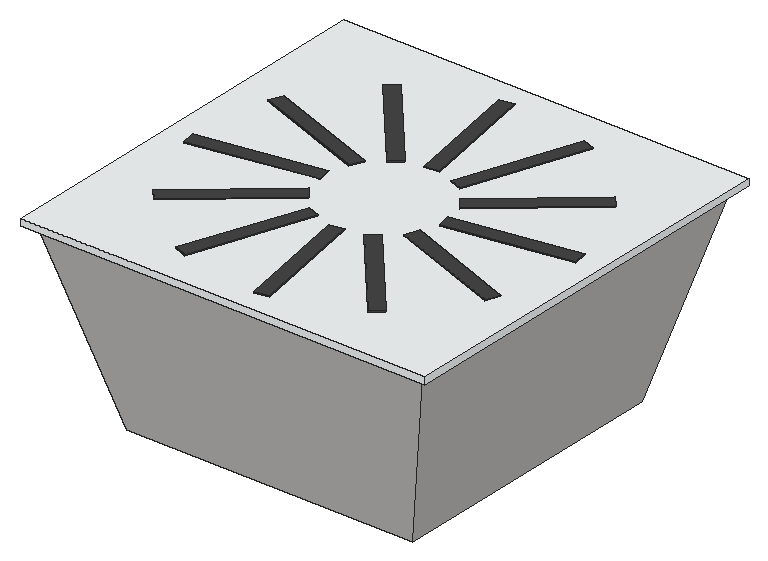
Revit family "HVAC_Ductwork_Airzone_Swirl-Diffuser_DRPL-PX", category Air Terminals, host Face, Revit 2018
Family settings
  Host = Face
  Round Connector Dimension = Use Diameter
  Part Type = Normal
  OmniClass Number = 23.75.70.21
  OmniClass Title = Terminals for Air
  Cut with Voids When Loaded = No
  Shared = No
  Room Calculation Point = Yes
Parameters (values of type "INVALID TYPE - Use Load Family and Type Catalog")
  nElements = 12
  c9 = size_lookup(Table_c, "c9", 1, 1)  # 1
  c8 = size_lookup(Table_c, "c8", 1, 1)  # -1.027
  c7 = size_lookup(Table_c, "c7", 1, 1)  # 0.024797
  c6 = size_lookup(Table_c, "c6", 1, 1)  # 57.6424
  c5 = size_lookup(Table_c, "c5", 1, 1)  # 37.1573
  c4 = size_lookup(Table_c, "c4", 1, 1)  # -210.6592
  c3 = size_lookup(Table_c, "c3", 1, 1)  # -29.8817
  c2 = size_lookup(Table_c, "c2", 1, 1)  # -2.0504
  c1 = size_lookup(Table_c, "c1", 1, 1)  # 0.00068361
  Velocity [instance] = (Q / (36 * Akn)) * 1.0 m/s  # 2.77778 m/s
  URL = "www.airzone.es"
  Type Image Comments = "Image available in product documentation download"
  Type Comments = ""
  Throw Distance [instance] = round((c7 * ((c9 * Akn) ^ c8) * Q) * 1000) * 1 mm  # 2434 mm
  Table_c = "DRPL_c"  # constant formula
  Table_akn = "DRPL_akn"  # constant formula
  Sound Level in dBA [instance] = round((c3 + (c4 * log(c9 * Akn))) + ((c5 + (c6 * log(c9 * Akn))) * log(Q)))  # 32
  Short Description = "Swirl diffuser for modular ceiling"
  Revit Model Version = "2.0"
  Q [instance] = Flow / 1 m³/h  # 200
  Product Documentation Download URL = "http://doc.airzone.es/BIM/AirQ/Airzone_DRPL.zip"
  Product Comments = "Refer to technical documentation for further details"
  Product Code = "INVALID – Type not loaded via type catalog"
  Pressure Drop [instance] = ((c1 * ((c9 * Akn) ^ c2)) * (Q ^ 2)) * 1.0 Pa  # 6.60163 Pa
  Model = Product Code  # "INVALID – Type not loaded via type catalog"
  Min Flow = 100 m³/h
  Max Flow = 600 m³/h
  Manufacturer = "AIRZONE"  # constant formula
  Main Material = Metal - AIRZONE - Steel Sheet - White (RAL 9010)
  Long Description = "Square swirl diffuser DRPL integrated in plaque to enable the air flow supply creating an efficient swirl. Designed to be installed in HVAC ducted networks."
  Front Type = DRPL_Diffuser : 12 Elements
  Flow [instance] = 200 m³/h
  Fixing = "Modular ceiling profile"
  Finish = "White (RAL 9010)"
  Element Material = Hollow - AIRZONE - Deep Black
  Duct Diameter = 200 mm
  Disclaimer = "All information provided in this model is reviewed before being published. However, Airzone cannot guarantee this model is error-free, therefore users are strongly encouraged to check for technical documentation and updates"
  Description = Short Description  # "Swirl diffuser for modular ceiling"
  Default Elevation = 0 mm
  Compatible Accesories = "Insulated flexible duct (TFTA) and non-insulated flexible duct (TFST)\r\nInsulated plenum for round duct diffusers (PLEADROT) and non-insulated plenum for round duct diffusers (PLEDROT)"
  Akn = size_lookup(Table_akn, "akn", 1, nElements)  # 2
  Accessories Material = Metal - AIRZONE - Galvanized Sheet - Semi-polished
Reference planes
  plane 1 "Center (Front/Back)": y = 0
  plane 2: z = 0
  plane 3 "Center (Left/Right)": x = 0
  plane 4 "Left": x = -300
  plane 5 "Right": x = 300
  plane 6 "Back": y = 300
  plane 7 "Front": y = -300
Forms (mm)
  Extrusion 1, void
    sketch origin (0, 0, 0) x (1, 0, 0) y (0, 1, 0)
      loop
        line (-297.5, 297.5) -> (-297.5, -297.5) -> (297.5, -297.5) -> (297.5, 297.5) -> (-297.5, 297.5)
    from -300 to 300
Dimensions and locks
  plane 4 "Left" to plane 3 "Center (Left/Right)" to plane 5 "Right" = 300 mm locked, 300 mm locked
  plane 7 "Front" to plane 1 "Center (Front/Back)" to plane 6 "Back" = 300 mm locked, 300 mm locked
  aligned and locked: plane 2 to host face
  aligned and locked: level to host face
  aligned and locked: nested 1 to plane 3 "Center (Left/Right)"
  aligned and locked: nested 1 to plane 1 "Center (Front/Back)"
  aligned and locked: nested 2 to plane 3 "Center (Left/Right)"
  aligned and locked: nested 2 to plane 1 "Center (Front/Back)"
Nested families
  nested 1: "DRPL_Diffuser" at (0, 0, 0) x (1, 0, 0) z (0, 0, -1), Main Material <- "Main Material", type <- "Front Type", Accessories Material <- "Element Material", type "12 Elements"
    with Main Material Metal - AIRZONE - Steel Sheet - White (RAL 9010), Length 595 mm, Accessories Material Hollow - AIRZONE - Deep Black
  nested 2: "DRPL_Plenum" at (0, 0, -10) x (1, 0, 0) z (0, 0, -1), Main Material <- "Accessories Material", Duct Diameter <- "Duct Diameter", type "Standard"
    with Main Material Metal - AIRZONE - Galvanized Sheet - Semi-polished, Duct Diameter 200 mm
Connectors
  hvac at (0, 301.158, -162.29), driven by "Pressure Drop", driven by "Flow", driven by "Duct Diameter"
    settings: on nested 2, index 1, duct flow 200 m³/h, flow factor 0, pres drop 6.60163 Pa, loss coef 0, conn angle 0.00°, conn width 304.8 mm, conn height 304.8 mm, conn diameter 200 mm, duct sys type 1, conn prof type 0, flow config 1, flow direction 1, loss method 4, conn ref index -1, conn util no, is conn primary yes, conn desc "Supply Air"
Definition of nested family "DRPL_Diffuser"
  Parameters (values of type "48 Elements")
    URL = "www.airzone.es"
    Type Comments = ""
    Revit Model Version = "1.0"  # constant formula
    Revit Model Author URL = "www.a3d.es"
    Revit Model Author = "A3D Consulting"  # constant formula
    Min Flow = 0 m³/h
    Max Flow = 0 m³/h
    Manufacturer = "AIRZONE"  # constant formula
    Main Material [instance] = none
    Length [instance] = 595 mm  # constant formula
    Instances Per Element Type = 12
    Element III = yes
    Element II Rotation Angle = 0.00°
    Element II Position Offset = 120.7 mm
    Element II Position Angle = 75.00°
    Element II = yes
    Element I Rotation Angle = 0.00°
    Element I Position Offset = 85.5 mm
    Element I Position Angle = 90.00°
    Default Elevation = 0 mm
    Accessories Material [instance] = none
  Types (6, lengths in mm): name | Instances Per Element Type | Element III | Element II Rotation Angle | Element II Position Offset | Element II Position Angle | Element II | Element I Rotation Angle | Element I Position Offset | Element I Position Angle
    12 Elements | 12 | no | 45.00° | 200 | 45.00° | no | 10.00° | 87.6 | 90.00°
    16 Elements | 16 | no | 45.00° | 200 | 45.00° | no | 10.00° | 87.6 | 90.00°
    20 Elements | 20 | no | 45.00° | 200 | 45.00° | no | 25.00° | 91.5 | 90.00°
    30 Elements | 15 | no | 7.30° | 186.6 | 80.30° | yes | 15.23° | 88.3 | 76.23°
    36 Elements | 18 | no | 7.14° | 186.6 | 82.14° | yes | 15.23° | 88.3 | 80.23°
    48 Elements | 12 | yes | 0.00° | 120.7 | 75.00° | yes | 0.00° | 85.5 | 90.00°
  Reference planes
    plane 1 "Center (Front/Back)": y = 0
    plane 2: z = 0
    plane 3 "Center (Left/Right)": x = 0
    plane 4: x = -297.5
    plane 5: x = 297.5
    plane 6: y = -297.5
    plane 7: y = 297.5
    plane 8 "Top": z = 10
  Forms (mm)
    Extrusion 1, solid, material <- "Main Material"
      sketch origin (0, 0, 0) x (1, 0, 0) y (0, 1, 0)
        loop
          line (-297.5, 297.5) -> (-297.5, -297.5) -> (297.5, -297.5) -> (297.5, 297.5) -> (-297.5, 297.5)
      from 0 to 10
  Lines and regions (mm)
    Masking region 1
      outline origin (0, 0, 0) x (1, 0, 0) y (0, 1, 0)
        loop
          line (-297.5, 297.5) -> (-297.5, -297.5) -> (297.5, -297.5) -> (297.5, 297.5) -> (-297.5, 297.5)
  Dimensions and locks
    equal spacing: plane 4, plane 3 "Center (Left/Right)", plane 5
    "Length": plane 4 to plane 5
    equal spacing: plane 6, plane 1 "Center (Front/Back)", plane 7
    "Length": plane 6 to plane 7
    locked: plane 8 "Top" to level at 10
    aligned and locked: level to plane 2
    aligned and locked: Extrusion 1 sketch curve to plane 4
    aligned and locked: plane 7 to Extrusion 1 sketch curve
    aligned and locked: Extrusion 1 sketch curve to plane 5
    aligned and locked: plane 6 to Extrusion 1 sketch curve
    aligned and locked: Masking region 1 sketch curve to plane 4
    aligned and locked: plane 7 to Masking region 1 sketch curve
    aligned and locked: Masking region 1 sketch curve to plane 5
    aligned and locked: plane 6 to Masking region 1 sketch curve
    aligned and locked: plane 3 "Center (Left/Right)" to nested 1
    aligned and locked: plane 1 "Center (Front/Back)" to nested 1
    aligned and locked: plane 3 "Center (Left/Right)" to nested 13
    aligned and locked: plane 1 "Center (Front/Back)" to nested 13
    aligned and locked: plane 1 "Center (Front/Back)" to nested 25
    aligned and locked: plane 3 "Center (Left/Right)" to nested 25
  Nested families
    nested 1: "DRPL_Element" at (0, 0, 0), Accessories Material <- "Accessories Material", Position Offset <- "Element I Position Offset", Position Angle <- "Element I Position Angle", Rotation Angle <- "Element I Rotation Angle", type "Standard"
      with Rotation Angle 0.00°, Position Offset 85.5 mm, Position Angle 90.00°, Length 179 mm, Accessories Material none
    nested 2: "DRPL_Element" at (0, 0, 0) x (0.866, -0.5, 0) z (0, 0, 1), Accessories Material <- "Accessories Material", Position Offset <- "Element I Position Offset", Position Angle <- "Element I Position Angle", Rotation Angle <- "Element I Rotation Angle", type "Standard"
      with Rotation Angle 0.00°, Position Offset 85.5 mm, Position Angle 90.00°, Length 179 mm, Accessories Material none
    nested 3: "DRPL_Element" at (0, 0, 0) x (0.866, 0.5, 0) z (0, 0, 1), Accessories Material <- "Accessories Material", Position Offset <- "Element I Position Offset", Position Angle <- "Element I Position Angle", Rotation Angle <- "Element I Rotation Angle", type "Standard"
      with Rotation Angle 0.00°, Position Offset 85.5 mm, Position Angle 90.00°, Length 179 mm, Accessories Material none
    nested 4: "DRPL_Element" at (0, 0, 0) x (0.5, 0.866, 0) z (0, 0, 1), Accessories Material <- "Accessories Material", Position Offset <- "Element I Position Offset", Position Angle <- "Element I Position Angle", Rotation Angle <- "Element I Rotation Angle", type "Standard"
      with Rotation Angle 0.00°, Position Offset 85.5 mm, Position Angle 90.00°, Length 179 mm, Accessories Material none
    nested 5: "DRPL_Element" at (0, 0, 0) x (0, 1, 0) z (0, 0, 1), Accessories Material <- "Accessories Material", Position Offset <- "Element I Position Offset", Position Angle <- "Element I Position Angle", Rotation Angle <- "Element I Rotation Angle", type "Standard"
      with Rotation Angle 0.00°, Position Offset 85.5 mm, Position Angle 90.00°, Length 179 mm, Accessories Material none
    nested 6: "DRPL_Element" at (0, 0, 0) x (-0.5, 0.866, 0) z (0, 0, 1), Accessories Material <- "Accessories Material", Position Offset <- "Element I Position Offset", Position Angle <- "Element I Position Angle", Rotation Angle <- "Element I Rotation Angle", type "Standard"
      with Rotation Angle 0.00°, Position Offset 85.5 mm, Position Angle 90.00°, Length 179 mm, Accessories Material none
    nested 7: "DRPL_Element" at (0, 0, 0) x (-0.866, 0.5, 0) z (0, 0, 1), Accessories Material <- "Accessories Material", Position Offset <- "Element I Position Offset", Position Angle <- "Element I Position Angle", Rotation Angle <- "Element I Rotation Angle", type "Standard"
      with Rotation Angle 0.00°, Position Offset 85.5 mm, Position Angle 90.00°, Length 179 mm, Accessories Material none
    nested 8: "DRPL_Element" at (0, 0, 0) x (-1, 0, 0) z (0, 0, 1), Accessories Material <- "Accessories Material", Position Offset <- "Element I Position Offset", Position Angle <- "Element I Position Angle", Rotation Angle <- "Element I Rotation Angle", type "Standard"
      with Rotation Angle 0.00°, Position Offset 85.5 mm, Position Angle 90.00°, Length 179 mm, Accessories Material none
    nested 9: "DRPL_Element" at (0, 0, 0) x (-0.866, -0.5, 0) z (0, 0, 1), Accessories Material <- "Accessories Material", Position Offset <- "Element I Position Offset", Position Angle <- "Element I Position Angle", Rotation Angle <- "Element I Rotation Angle", type "Standard"
      with Rotation Angle 0.00°, Position Offset 85.5 mm, Position Angle 90.00°, Length 179 mm, Accessories Material none
    nested 10: "DRPL_Element" at (0, 0, 0) x (-0.5, -0.866, 0) z (0, 0, 1), Accessories Material <- "Accessories Material", Position Offset <- "Element I Position Offset", Position Angle <- "Element I Position Angle", Rotation Angle <- "Element I Rotation Angle", type "Standard"
      with Rotation Angle 0.00°, Position Offset 85.5 mm, Position Angle 90.00°, Length 179 mm, Accessories Material none
    nested 11: "DRPL_Element" at (0, 0, 0) x (0, -1, 0) z (0, 0, 1), Accessories Material <- "Accessories Material", Position Offset <- "Element I Position Offset", Position Angle <- "Element I Position Angle", Rotation Angle <- "Element I Rotation Angle", type "Standard"
      with Rotation Angle 0.00°, Position Offset 85.5 mm, Position Angle 90.00°, Length 179 mm, Accessories Material none
    nested 12: "DRPL_Element" at (0, 0, 0) x (0.5, -0.866, 0) z (0, 0, 1), Accessories Material <- "Accessories Material", Position Offset <- "Element I Position Offset", Position Angle <- "Element I Position Angle", Rotation Angle <- "Element I Rotation Angle", type "Standard"
      with Rotation Angle 0.00°, Position Offset 85.5 mm, Position Angle 90.00°, Length 179 mm, Accessories Material none
    nested 13: "DRPL_Element" at (0, 0, 0), Position Offset <- "Element II Position Offset", Position Angle <- "Element II Position Angle", Rotation Angle <- "Element II Rotation Angle", Accessories Material <- "Accessories Material", visible <- "Element II", type "Standard"
      with Rotation Angle 0.00°, Position Offset 120.7 mm, Position Angle 75.00°, Length 79 mm, Accessories Material none
    nested 14: "DRPL_Element" at (0, 0, 0) x (0.866, -0.5, 0) z (0, 0, 1), Position Offset <- "Element II Position Offset", Position Angle <- "Element II Position Angle", Rotation Angle <- "Element II Rotation Angle", Accessories Material <- "Accessories Material", visible <- "Element II", type "Standard"
      with Rotation Angle 0.00°, Position Offset 120.7 mm, Position Angle 75.00°, Length 79 mm, Accessories Material none
    nested 15: "DRPL_Element" at (0, 0, 0) x (0.866, 0.5, 0) z (0, 0, 1), Position Offset <- "Element II Position Offset", Position Angle <- "Element II Position Angle", Rotation Angle <- "Element II Rotation Angle", Accessories Material <- "Accessories Material", visible <- "Element II", type "Standard"
      with Rotation Angle 0.00°, Position Offset 120.7 mm, Position Angle 75.00°, Length 79 mm, Accessories Material none
    nested 16: "DRPL_Element" at (0, 0, 0) x (0.5, 0.866, 0) z (0, 0, 1), Position Offset <- "Element II Position Offset", Position Angle <- "Element II Position Angle", Rotation Angle <- "Element II Rotation Angle", Accessories Material <- "Accessories Material", visible <- "Element II", type "Standard"
      with Rotation Angle 0.00°, Position Offset 120.7 mm, Position Angle 75.00°, Length 79 mm, Accessories Material none
    nested 17: "DRPL_Element" at (0, 0, 0) x (0, 1, 0) z (0, 0, 1), Position Offset <- "Element II Position Offset", Position Angle <- "Element II Position Angle", Rotation Angle <- "Element II Rotation Angle", Accessories Material <- "Accessories Material", visible <- "Element II", type "Standard"
      with Rotation Angle 0.00°, Position Offset 120.7 mm, Position Angle 75.00°, Length 79 mm, Accessories Material none
    nested 18: "DRPL_Element" at (0, 0, 0) x (-0.5, 0.866, 0) z (0, 0, 1), Position Offset <- "Element II Position Offset", Position Angle <- "Element II Position Angle", Rotation Angle <- "Element II Rotation Angle", Accessories Material <- "Accessories Material", visible <- "Element II", type "Standard"
      with Rotation Angle 0.00°, Position Offset 120.7 mm, Position Angle 75.00°, Length 79 mm, Accessories Material none
    nested 19: "DRPL_Element" at (0, 0, 0) x (-0.866, 0.5, 0) z (0, 0, 1), Position Offset <- "Element II Position Offset", Position Angle <- "Element II Position Angle", Rotation Angle <- "Element II Rotation Angle", Accessories Material <- "Accessories Material", visible <- "Element II", type "Standard"
      with Rotation Angle 0.00°, Position Offset 120.7 mm, Position Angle 75.00°, Length 79 mm, Accessories Material none
    nested 20: "DRPL_Element" at (0, 0, 0) x (-1, 0, 0) z (0, 0, 1), Position Offset <- "Element II Position Offset", Position Angle <- "Element II Position Angle", Rotation Angle <- "Element II Rotation Angle", Accessories Material <- "Accessories Material", visible <- "Element II", type "Standard"
      with Rotation Angle 0.00°, Position Offset 120.7 mm, Position Angle 75.00°, Length 79 mm, Accessories Material none
    nested 21: "DRPL_Element" at (0, 0, 0) x (-0.866, -0.5, 0) z (0, 0, 1), Position Offset <- "Element II Position Offset", Position Angle <- "Element II Position Angle", Rotation Angle <- "Element II Rotation Angle", Accessories Material <- "Accessories Material", visible <- "Element II", type "Standard"
      with Rotation Angle 0.00°, Position Offset 120.7 mm, Position Angle 75.00°, Length 79 mm, Accessories Material none
    nested 22: "DRPL_Element" at (0, 0, 0) x (-0.5, -0.866, 0) z (0, 0, 1), Position Offset <- "Element II Position Offset", Position Angle <- "Element II Position Angle", Rotation Angle <- "Element II Rotation Angle", Accessories Material <- "Accessories Material", visible <- "Element II", type "Standard"
      with Rotation Angle 0.00°, Position Offset 120.7 mm, Position Angle 75.00°, Length 79 mm, Accessories Material none
    nested 23: "DRPL_Element" at (0, 0, 0) x (0, -1, 0) z (0, 0, 1), Position Offset <- "Element II Position Offset", Position Angle <- "Element II Position Angle", Rotation Angle <- "Element II Rotation Angle", Accessories Material <- "Accessories Material", visible <- "Element II", type "Standard"
      with Rotation Angle 0.00°, Position Offset 120.7 mm, Position Angle 75.00°, Length 79 mm, Accessories Material none
    nested 24: "DRPL_Element" at (0, 0, 0) x (0.5, -0.866, 0) z (0, 0, 1), Position Offset <- "Element II Position Offset", Position Angle <- "Element II Position Angle", Rotation Angle <- "Element II Rotation Angle", Accessories Material <- "Accessories Material", visible <- "Element II", type "Standard"
      with Rotation Angle 0.00°, Position Offset 120.7 mm, Position Angle 75.00°, Length 79 mm, Accessories Material none
    nested 25: "DRPL_Element" at (0, 0, 0), Accessories Material <- "Accessories Material", visible <- "Element III", type "Standard"
      with Rotation Angle 100.17°, Position Offset 223.7 mm, Position Angle 85.17°, Length 79 mm, Accessories Material none
    nested 26: "DRPL_Element" at (0, 0, 0), Accessories Material <- "Accessories Material", visible <- "Element III", type "Standard"
      with Rotation Angle 98.94°, Position Offset 254.3 mm, Position Angle 83.94°, Length 79 mm, Accessories Material none
    nested 27: "DRPL_Element" at (0, 0, 0) x (0.866, -0.5, 0) z (0, 0, 1), Accessories Material <- "Accessories Material", visible <- "Element III", type "Standard"
      with Rotation Angle 100.17°, Position Offset 223.7 mm, Position Angle 85.17°, Length 79 mm, Accessories Material none
    nested 28: "DRPL_Element" at (0, 0, 0) x (0.866, -0.5, 0) z (0, 0, 1), Accessories Material <- "Accessories Material", visible <- "Element III", type "Standard"
      with Rotation Angle 98.94°, Position Offset 254.3 mm, Position Angle 83.94°, Length 79 mm, Accessories Material none
    nested 29: "DRPL_Element" at (0, 0, 0) x (0.866, 0.5, 0) z (0, 0, 1), Accessories Material <- "Accessories Material", visible <- "Element III", type "Standard"
      with Rotation Angle 100.17°, Position Offset 223.7 mm, Position Angle 85.17°, Length 79 mm, Accessories Material none
    nested 30: "DRPL_Element" at (0, 0, 0) x (0.866, 0.5, 0) z (0, 0, 1), Accessories Material <- "Accessories Material", visible <- "Element III", type "Standard"
      with Rotation Angle 98.94°, Position Offset 254.3 mm, Position Angle 83.94°, Length 79 mm, Accessories Material none
    nested 31: "DRPL_Element" at (0, 0, 0) x (0.5, 0.866, 0) z (0, 0, 1), Accessories Material <- "Accessories Material", visible <- "Element III", type "Standard"
      with Rotation Angle 100.17°, Position Offset 223.7 mm, Position Angle 85.17°, Length 79 mm, Accessories Material none
    nested 32: "DRPL_Element" at (0, 0, 0) x (0.5, 0.866, 0) z (0, 0, 1), Accessories Material <- "Accessories Material", visible <- "Element III", type "Standard"
      with Rotation Angle 98.94°, Position Offset 254.3 mm, Position Angle 83.94°, Length 79 mm, Accessories Material none
    nested 33: "DRPL_Element" at (0, 0, 0) x (0, 1, 0) z (0, 0, 1), Accessories Material <- "Accessories Material", visible <- "Element III", type "Standard"
      with Rotation Angle 100.17°, Position Offset 223.7 mm, Position Angle 85.17°, Length 79 mm, Accessories Material none
    nested 34: "DRPL_Element" at (0, 0, 0) x (0, 1, 0) z (0, 0, 1), Accessories Material <- "Accessories Material", visible <- "Element III", type "Standard"
      with Rotation Angle 98.94°, Position Offset 254.3 mm, Position Angle 83.94°, Length 79 mm, Accessories Material none
    nested 35: "DRPL_Element" at (0, 0, 0) x (-0.5, 0.866, 0) z (0, 0, 1), Accessories Material <- "Accessories Material", visible <- "Element III", type "Standard"
      with Rotation Angle 100.17°, Position Offset 223.7 mm, Position Angle 85.17°, Length 79 mm, Accessories Material none
    nested 36: "DRPL_Element" at (0, 0, 0) x (-0.5, 0.866, 0) z (0, 0, 1), Accessories Material <- "Accessories Material", visible <- "Element III", type "Standard"
      with Rotation Angle 98.94°, Position Offset 254.3 mm, Position Angle 83.94°, Length 79 mm, Accessories Material none
    nested 37: "DRPL_Element" at (0, 0, 0) x (-0.866, 0.5, 0) z (0, 0, 1), Accessories Material <- "Accessories Material", visible <- "Element III", type "Standard"
      with Rotation Angle 100.17°, Position Offset 223.7 mm, Position Angle 85.17°, Length 79 mm, Accessories Material none
    nested 38: "DRPL_Element" at (0, 0, 0) x (-0.866, 0.5, 0) z (0, 0, 1), Accessories Material <- "Accessories Material", visible <- "Element III", type "Standard"
      with Rotation Angle 98.94°, Position Offset 254.3 mm, Position Angle 83.94°, Length 79 mm, Accessories Material none
    nested 39: "DRPL_Element" at (0, 0, 0) x (-1, 0, 0) z (0, 0, 1), Accessories Material <- "Accessories Material", visible <- "Element III", type "Standard"
      with Rotation Angle 100.17°, Position Offset 223.7 mm, Position Angle 85.17°, Length 79 mm, Accessories Material none
    nested 40: "DRPL_Element" at (0, 0, 0) x (-1, 0, 0) z (0, 0, 1), Accessories Material <- "Accessories Material", visible <- "Element III", type "Standard"
      with Rotation Angle 98.94°, Position Offset 254.3 mm, Position Angle 83.94°, Length 79 mm, Accessories Material none
    nested 41: "DRPL_Element" at (0, 0, 0) x (-0.866, -0.5, 0) z (0, 0, 1), Accessories Material <- "Accessories Material", visible <- "Element III", type "Standard"
      with Rotation Angle 100.17°, Position Offset 223.7 mm, Position Angle 85.17°, Length 79 mm, Accessories Material none
    nested 42: "DRPL_Element" at (0, 0, 0) x (-0.866, -0.5, 0) z (0, 0, 1), Accessories Material <- "Accessories Material", visible <- "Element III", type "Standard"
      with Rotation Angle 98.94°, Position Offset 254.3 mm, Position Angle 83.94°, Length 79 mm, Accessories Material none
    nested 43: "DRPL_Element" at (0, 0, 0) x (-0.5, -0.866, 0) z (0, 0, 1), Accessories Material <- "Accessories Material", visible <- "Element III", type "Standard"
      with Rotation Angle 100.17°, Position Offset 223.7 mm, Position Angle 85.17°, Length 79 mm, Accessories Material none
    nested 44: "DRPL_Element" at (0, 0, 0) x (-0.5, -0.866, 0) z (0, 0, 1), Accessories Material <- "Accessories Material", visible <- "Element III", type "Standard"
      with Rotation Angle 98.94°, Position Offset 254.3 mm, Position Angle 83.94°, Length 79 mm, Accessories Material none
    nested 45: "DRPL_Element" at (0, 0, 0) x (0, -1, 0) z (0, 0, 1), Accessories Material <- "Accessories Material", visible <- "Element III", type "Standard"
      with Rotation Angle 100.17°, Position Offset 223.7 mm, Position Angle 85.17°, Length 79 mm, Accessories Material none
    nested 46: "DRPL_Element" at (0, 0, 0) x (0, -1, 0) z (0, 0, 1), Accessories Material <- "Accessories Material", visible <- "Element III", type "Standard"
      with Rotation Angle 98.94°, Position Offset 254.3 mm, Position Angle 83.94°, Length 79 mm, Accessories Material none
    nested 47: "DRPL_Element" at (0, 0, 0) x (0.5, -0.866, 0) z (0, 0, 1), Accessories Material <- "Accessories Material", visible <- "Element III", type "Standard"
      with Rotation Angle 100.17°, Position Offset 223.7 mm, Position Angle 85.17°, Length 79 mm, Accessories Material none
    nested 48: "DRPL_Element" at (0, 0, 0) x (0.5, -0.866, 0) z (0, 0, 1), Accessories Material <- "Accessories Material", visible <- "Element III", type "Standard"
      with Rotation Angle 98.94°, Position Offset 254.3 mm, Position Angle 83.94°, Length 79 mm, Accessories Material none
  Definition of nested family "DRPL_Element"
    Parameters (values of type "Standard")
      URL = "www.airzone.es"
      Type Comments = ""
      Rotation Angle [instance] = 45.00°
      Revit Model Version = "1.0"  # constant formula
      Revit Model Author URL = "www.a3d.es"
      Revit Model Author = "A3D Consulting"  # constant formula
      Position Angle [instance] = 45.00°
      Position Offset [instance] = 200 mm
      Min Flow = 0 m³/h
      Max Flow = 0 m³/h
      Manufacturer = "AIRZONE"  # constant formula
      Length [instance] = 179 mm
      Default Elevation = 0 mm
      Accessories Material [instance] = none
    Reference planes
      plane 1 "Center (Front/Back)": y = 0
      plane 2: z = 0
      plane 3 "Center (Left/Right)": x = 0
    Forms (mm)
      Extrusion 1, solid, material <- "Accessories Material", detail levels fine
        sketch origin (-141.421, 141.421, 0) x (-1, 0, 0) y (0, -1, 0)
          loop
            line (0, 10.5) -> (0, -10.5) -> (179, -10.5) -> (179, 10.5) -> (0, 10.5)
        from -1 to 0
    Lines and regions (mm)
      model lines, detail levels medium
        curve 1: line (-320.421, 141.421, 0) -> (-141.421, 141.421, 0)
      symbolic lines, detail levels medium
        curve 2: line (-141.421, 141.421, 0) -> (-320.421, 141.421, 0)
      symbolic lines, detail levels fine
        curve 3: line (-141.421, 151.921, 0) -> (-320.421, 151.921, 0)
        curve 4: line (-320.421, 151.921, 0) -> (-320.421, 130.921, 0)
        curve 5: line (-320.421, 130.921, 0) -> (-141.421, 130.921, 0)
        curve 6: line (-141.421, 130.921, 0) -> (-141.421, 151.921, 0)
      reference lines
        curve 7: line (0, 0, 0) -> (-141.421, 141.421, 0)
        curve 8: line (-141.421, 141.421, 0) -> (-320.421, 141.421, 0)
    Dimensions and locks
      "Position Offset": curve 7 to curve 7
      "Length": curve 8 to curve 8
      "Position Angle": angle curve 7 to plane 1 "Center (Front/Back)"
      "Rotation Angle": angle curve 7 to curve 8
      aligned and locked: level to plane 2
      aligned and locked: plane 1 "Center (Front/Back)" to curve 7
      aligned and locked: plane 3 "Center (Left/Right)" to curve 7
      aligned and locked: curve 4 to curve 8
      aligned and locked: Extrusion 1 sketch curve to curve 8
    Automatic sketch dimensions
      curve 8 to curve 7 = 0 mm  (x2)
      Extrusion 1 sketch curve to Extrusion 1 sketch curve = 21 mm
      curve 5 to curve 5 = 179 mm
      curve 3 to curve 2 = 10.5 mm
      curve 2 to curve 5 = 10.5 mm
      Extrusion 1 sketch curve to curve 8 = 0 mm
      Extrusion 1 sketch curve to curve 8 = 10.5 mm
      curve 2 to curve 8 = 0 mm
      curve 8 to curve 3 = 0 mm
      curve 3 to curve 8 = 10.5 mm
      curve 8 to curve 5 = 10.5 mm
      curve 1 to curve 8 = 0 mm
Definition of nested family "DRPL_Plenum"
  Parameters (values of type "Standard")
    URL = "www.airzone.es"
    Type Comments = ""
    Revit Model Version = "1.0"  # constant formula
    Revit Model Author URL = "www.a3d.es"
    Revit Model Author = "A3D Consulting"  # constant formula
    Min Flow = 0 m³/h
    Max Flow = 0 m³/h
    Manufacturer = "AIRZONE"  # constant formula
    Main Material [instance] = none
    Duct Diameter [instance] = 250 mm
    Default Elevation = 0 mm
  Reference planes
    plane 1 "Center (Front/Back)": y = 0
    plane 2: z = 0
    plane 3 "Center (Left/Right)": x = 0
    plane 4: through (4267.2, 247.25, 137.883) normal (0, 0.2582, -0.9661)
    plane 5: through (4267.2, 214.976, 258.644) normal (0, -0.2582, 0.9661)
    plane 6: through (4267.2, 525.768, 82.931) normal (0, 0.2582, -0.9661)
    plane 7: through (4267.2, 210.4, 275.766) normal (0, 0.9661, 0.2582)
  Forms (mm)
    Blend 1, solid, material <- "Main Material"
      base sketch origin (0, 0, 0) x (1, 0, 0) y (0, 1, 0)
        loop
          line (-284.1, 284.1) -> (-284.1, -284.1) -> (284.1, -284.1) -> (284.1, 284.1) -> (-284.1, 284.1)
      top sketch origin (0, 0, 0) x (1, 0, 0) y (0, 1, 0)
        loop
          line (-210.387, 210.4) -> (-210.387, -210.4) -> (210.387, -210.4) -> (210.387, 210.4) -> (-210.387, 210.4)
      from 0 to 275.766
    Revolve 2, solid, material <- "Main Material"
      sketch origin (0, 0, 0) x (0, 1, 0) y (0, 0, 1)
        loop
          line (247.25, 137.883) -> (301.158, 152.29) -> (268.884, 273.052) -> (214.976, 258.644) -> (247.25, 137.883)
        axis (301.158, 152.29) -> (247.25, 137.883)
      angle from 0 to 360
  Dimensions and locks
    equal spacing: Blend 1 sketch curve, plane 3 "Center (Left/Right)", Blend 1 sketch curve  (x2)
    locked: Blend 1 sketch curve to Blend 1 sketch curve at 568.2  (x2)
    equal spacing: Blend 1 sketch curve, plane 1 "Center (Front/Back)", Blend 1 sketch curve  (x2)
    locked: Blend 1 sketch curve to Blend 1 sketch curve at 420.773
    locked: Blend 1 sketch curve to Blend 1 sketch curve at 420.8
    equal spacing: plane 5, plane 4, plane 6
    "Duct Diameter": plane 5 to plane 6
    plane 7 to Revolve 2 sketch curve = 55.8 mm
    aligned and locked: level to plane 2
    aligned and locked: plane 7 to Revolve 2 sketch curve
    aligned and locked: Revolve 2 sketch curve to plane 5
    aligned and locked: Revolve 2 sketch curve to plane 4  (x2)
  Automatic sketch dimensions
    Revolve 2 sketch curve to level = 16.898 mm
    level to Revolve 2 sketch curve = 261.655 mm
